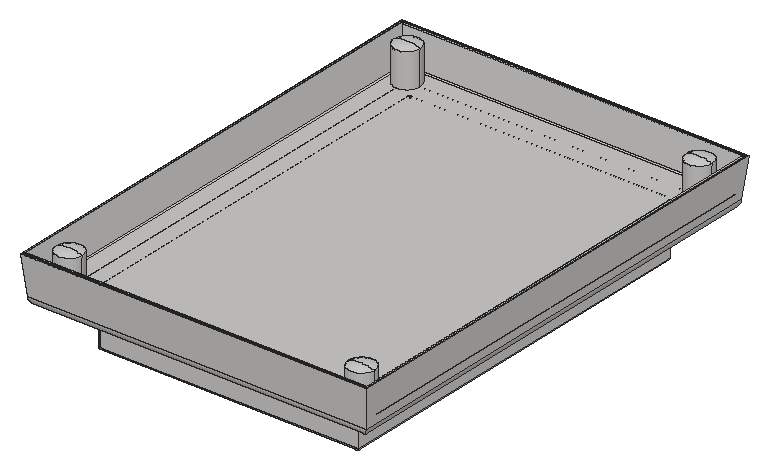
Revit family "Gorter BV THERMO 600x400mm", category Generic Models, host Face, Revit 2019
Family settings
  Host = Face
  Can host rebar = No
  Round Connector Dimension = Use Diameter
  Part Type = Normal
  Cut with Voids When Loaded = Yes
  Shared = No
  Room Calculation Point = No
Parameters (values of type "BV THERMO 600x400mm")
  vullen_met_beton = "ja"  # constant formula
  vergrendeling = "nee"  # constant formula
  uitwendige_lengte = 735 mm
  uitwendige_breedte = 535 mm
  sluiting = "4"  # constant formula
  scharnierend = "nee"  # constant formula
  rubberen_afdichting = "enkel"  # constant formula
  productgroep = ""
  materiaal = bcb_staal
  inbouwhoogte [instance] = 75 mm
  geïsoleerd = "ja"  # constant formula
  gewicht = "23"
  gasdrukveer = "nee"  # constant formula
  brandwerend 90 min = "nee"  # constant formula
  binnenmaat_lengte = uitwendige_lengte - 135 mm  # 600 mm
  binnenmaat_breedte = uitwendige_breedte - 135 mm  # 400 mm
  binnenluik = "tbv betonvulling"  # constant formula
  belasting = "125 kN"  # constant formula
  URL = ""
  RC-waarde = "3.2 m2 K/W"
  Model = "BV THERMO"  # constant formula
  Manufacturer = "Gorter"  # constant formula
  Description = "BV THERMO 64"
  Default Elevation = 1219.2 mm
Types (6, lengths in mm): name | uitwendige_lengte | uitwendige_breedte | gewicht | binnenmaat_lengte | binnenmaat_breedte | Description
  (no name) | 735 | 535 | "23" | 600 | 400 | "BV THERMO 64"
  BV THERMO 600x600mm | 735 | 735 | "23" | 600 | 600 | "BV THERMO 66"
  BV THERMO 800x600mm | 935 | 735 | "29" | 800 | 600 | "BV THERMO 86"
  BV THERMO 800x800mm | 935 | 935 | "33" | 800 | 800 | "BV THERMO 88"
  BV THERMO 1000x600mm | 1135 | 735 | "33" | 1000 | 600 | "BV THERMO 106"
  BV THERMO 600x400mm | 735 | 535 | "23" | 600 | 400 | "BV THERMO 64"
Reference planes
  plane 1 "Center (Front/Back)": y = 0
  plane 2: z = 0
  plane 3 "Center (Left/Right)": x = 0
  plane 4: y = 367.5
  plane 5: y = -367.5
  plane 6: x = 267.5
  plane 7: x = -267.5
  plane 8: z = -75
  plane 9: x = -225.5
  plane 10: y = 325.5
  plane 11: y = -325.5
  plane 12: x = 225.5
  plane 13: x = -105.5
  plane 14: x = 105.5
  plane 15: y = -205.5
  plane 16: y = 205.5
  plane 17: x = -197
  plane 18: x = 197
  plane 19: y = -296.5
  plane 20: y = 296.5
Forms (mm)
  Sweep 1, solid, material "bcb_staal" <- "materiaal", detail levels medium+fine
    path origin (0, 0, 0) x (1, 0, 0) y (0, 1, 0)
      loop
        line (-267.5, 367.5) -> (-267.5, -367.5) -> (267.5, -367.5) -> (267.5, 367.5) -> (-267.5, 367.5)
    profile origin (-267.5, 0, 0) x (-1, 0, 0) y (0, 0, 1)
      loop
        line (0, 0) -> (-2.01, 0) -> (-8.062, -60.739)
        arc (-8.062, -60.739) -> (-19.025, -71.913) -> (-32.302, -63.62) r 12.5
        line (-32.302, -63.62) -> (-34.724, -56.679)
        arc (-34.724, -56.679) -> (-38.41, -54.001) -> (-42.212, -56.51) r 4
        line (-42.212, -56.51) -> (-44.362, -61.868)
        arc (-44.362, -61.868) -> (-48.269, -64.946) -> (-52.899, -63.13) r 5
        line (-52.899, -63.13) -> (-56.64, -57.982)
        arc (-56.64, -57.982) -> (-63.349, -55.792) -> (-67.5, -61.5) r 6
        line (-67.5, -61.5) -> (-67.5, -75) -> (-65.5, -75) -> (-65.5, -61.5)
        arc (-65.5, -61.5) -> (-62.734, -57.695) -> (-58.262, -59.152) r 4
        line (-58.262, -59.152) -> (-54.667, -64.109)
        arc (-54.667, -64.109) -> (-48.142, -66.947) -> (-42.504, -62.607) r 7
        line (-42.504, -62.607) -> (-40.356, -57.255)
        arc (-40.356, -57.255) -> (-38.451, -56.001) -> (-36.61, -57.346) r 2
        line (-36.61, -57.346) -> (-34.19, -64.279)
        arc (-34.19, -64.279) -> (-18.789, -73.899) -> (-6.071, -60.938) r 14.5
        line (-6.071, -60.938) -> (0, 0)
  Sweep 2, solid, material "bcb_staal" <- "materiaal", detail levels medium+fine
    path origin (0, 0, 0) x (1, 0, 0) y (0, 1, 0)
      loop
        line (-267.5, 367.5) -> (-267.5, -367.5) -> (267.5, -367.5) -> (267.5, 367.5) -> (-267.5, 367.5)
    profile origin (-267.5, 0, 0) x (-1, 0, 0) y (0, 0, 1)
      loop
        line (-10.487, -50.628) -> (-2.484, 0) -> (-4.5, 0) -> (-12.438, -50.313)
        arc (-12.438, -50.313) -> (-13.121, -51.538) -> (-14.437, -52.024) r 2.024
        line (-14.437, -52.024) -> (-67.5, -52.024) -> (-67.5, -53.988) -> (-14.751, -53.988)
        arc (-14.751, -53.988) -> (-11.962, -53.142) -> (-10.487, -50.628) r 4
  Sweep 3, solid, material "bcb_staal" <- "materiaal", detail levels coarse
    path origin (0, 0, 0) x (1, 0, 0) y (0, 1, 0)
      loop
        line (-267.5, 367.5) -> (-267.5, -367.5) -> (267.5, -367.5) -> (267.5, 367.5) -> (-267.5, 367.5)
    profile origin (-267.5, 0, 0) x (-1, 0, 0) y (0, 0, 1)
      loop
        line (0, 0) -> (-4.5, 0) -> (-12.74, -52.024) -> (-67.5, -52.024) -> (-67.5, -75) -> (-7.473, -75) -> (0, 0)
  Extrusion 4, solid, material "bcb_staal" <- "materiaal", detail levels medium+fine
    sketch origin (0, 0, 0) x (1, 0, 0) y (0, 1, 0)
      loop
        line (-200, 300) -> (-200, -300) -> (200, -300) -> (200, 300) -> (-200, 300)
    from -53.988 to -52
  Extrusion 5, solid, material "bcb_staal" <- "materiaal", detail levels coarse
    sketch origin (0, 0, 0) x (1, 0, 0) y (0, 1, 0)
      loop
        line (-200, 300) -> (-200, -300) -> (200, -300) -> (200, 300) -> (-200, 300)
    from -75 to -52.024
  Extrusion 6, void
    sketch origin (0, 0, 0) x (1, 0, 0) y (0, 1, 0)
      loop
        line (-105.5, -205.5) -> (105.5, -205.5) -> (105.5, 205.5) -> (-105.5, 205.5) -> (-105.5, -205.5)
    from -500 to 10
  Sweep 7, void
    path origin (0, 0, 0) x (1, 0, 0) y (0, 1, 0)
      loop
        line (-267.5, 367.5) -> (-267.5, -367.5) -> (267.5, -367.5) -> (267.5, 367.5) -> (-267.5, 367.5)
    profile origin (-267.5, 0, 0) x (-1, 0, 0) y (0, 0, 1)
      loop
        line (0.498, 5) -> (-162, 5) -> (-162, -365) -> (-65.5, -365) -> (-65.5, -75) -> (-7.473, -75) -> (0.498, 5)
  Sweep 8, solid, material "bcb_staal" <- "materiaal"
    path origin (0, 0, 0) x (1, 0, 0) y (0, 1, 0)
      loop
        line (-267.5, 367.5) -> (-267.5, -367.5) -> (267.5, -367.5) -> (267.5, 367.5) -> (-267.5, 367.5)
    profile origin (-267.5, 0, 0) x (-1, 0, 0) y (0, 0, 1)
      loop
        line (-58.5, -55.001) -> (-58.5, -54.001) -> (-66.5, -54.001)
        arc (-66.5, -54.001) -> (-67.914, -54.587) -> (-68.5, -56.001) r 2
        line (-68.5, -56.001) -> (-68.5, -136)
        arc (-68.5, -136) -> (-68.793, -136.707) -> (-69.5, -137) r 1
        line (-69.5, -137) -> (-82.5, -137) -> (-82.5, -138) -> (-69.5, -138)
        arc (-69.5, -138) -> (-68.086, -137.414) -> (-67.5, -136) r 2
        line (-67.5, -136) -> (-67.5, -56.001)
        arc (-67.5, -56.001) -> (-67.207, -55.294) -> (-66.5, -55.001) r 1
        line (-66.5, -55.001) -> (-58.5, -55.001)
  Extrusion 9, solid, material "bcb_pe"
    sketch origin (0, 0, 0) x (1, 0, 0) y (0, 1, 0)
      loop
        line (-197, 296.5) -> (-197, -296.5) -> (197, -296.5) -> (197, 296.5) -> (-197, 296.5)
    from -137 to -57.982
Cuts and joins
  joined: Sweep 2, Extrusion 4
  joined: Sweep 3, Extrusion 5
Dimensions and locks
  equal spacing: plane 7, plane 3 "Center (Left/Right)", plane 6
  "uitwendige_breedte": plane 7 to plane 6
  equal spacing: plane 4, plane 1 "Center (Front/Back)", plane 5
  "uitwendige_lengte": plane 4 to plane 5
  locked: plane 4 to plane 10 at 42
  locked: plane 7 to plane 9 at 42
  locked: plane 12 to plane 6 at 42
  locked: plane 5 to plane 11 at 42
  locked: plane 9 to plane 13 at 120
  locked: plane 14 to plane 12 at 120
  locked: plane 15 to plane 11 at 120
  locked: plane 10 to plane 16 at 120
  locked: plane 9 to plane 17 at 28.5
  locked: plane 18 to plane 12 at 28.5
  locked: plane 11 to plane 19 at 29
  locked: plane 10 to plane 20 at 29
  aligned and locked: plane 2 to host face
  aligned and locked: level to host face
  aligned and locked: Sweep 1 sketch curve to plane 4
  aligned and locked: plane 7 to Sweep 1 sketch curve
  aligned and locked: plane 5 to Sweep 1 sketch curve
  aligned and locked: Sweep 1 sketch curve to plane 6
  aligned and locked: Sweep 2 sketch curve to Sweep 1  (x4)
  aligned and locked: Sweep 3 sketch curve to Sweep 1  (x4)
  aligned and locked: Extrusion 4 sketch curve to Sweep 1  (x4)
  aligned and locked: Extrusion 5 sketch curve to Sweep 3  (x2)
  aligned and locked: Extrusion 5 sketch curve to Sweep 1  (x2)
  aligned and locked: plane 9 to nested 1
  aligned and locked: nested 1 to plane 10
  aligned and locked: nested 2 to plane 12
  aligned and locked: plane 10 to nested 2
  aligned and locked: plane 11 to nested 3
  aligned and locked: nested 3 to plane 9
  aligned and locked: nested 4 to plane 11
  aligned and locked: plane 12 to nested 4
  aligned and locked: Extrusion 6 to plane 16
  aligned and locked: Extrusion 6 to plane 14
  aligned and locked: Extrusion 6 to plane 15
  aligned and locked: Extrusion 6 to plane 13
  aligned and locked: Sweep 7 sketch curve to plane 4
  aligned and locked: Sweep 7 sketch curve to plane 6
  aligned and locked: plane 5 to Sweep 7 sketch curve
  aligned and locked: plane 7 to Sweep 7 sketch curve
  aligned and locked: Sweep 8 sketch curve to plane 4
  aligned and locked: Sweep 8 sketch curve to plane 6
  aligned and locked: plane 7 to Sweep 8 sketch curve
  aligned and locked: plane 5 to Sweep 8 sketch curve
  aligned and locked: Extrusion 9 sketch curve to plane 20
  aligned and locked: Extrusion 9 sketch curve to plane 18
  aligned and locked: Extrusion 9 sketch curve to plane 19
  aligned and locked: Extrusion 9 sketch curve to plane 17
Automatic sketch dimensions
  host sketch curve to host sketch curve = 2000 mm  (x2)
  Sweep 1 sketch curve to profile plane = 0 mm
  profile plane to Sweep 1 sketch curve = 6.071 mm
  Sweep 1 sketch curve to Sweep 1 sketch curve = 1.99 mm
  Sweep 1 sketch curve to Sweep 1 sketch curve = 12.438 mm
  Sweep 1 sketch curve to Sweep 1 sketch curve = 0 mm  (x6)
  Sweep 1 sketch curve to Sweep 1 sketch curve = 11.802 mm
  Sweep 1 sketch curve to Sweep 1 sketch curve = 1.888 mm
  Sweep 1 sketch curve to Sweep 1 sketch curve = 2.423 mm
  Sweep 1 sketch curve to Sweep 1 sketch curve = 1.886 mm
  Sweep 1 sketch curve to Sweep 1 sketch curve = 1.89 mm
  Sweep 1 sketch curve to Sweep 1 sketch curve = 1.856 mm  (x2)
  Sweep 1 sketch curve to Sweep 1 sketch curve = 2.147 mm
  Sweep 1 sketch curve to Sweep 1 sketch curve = 1.858 mm
  Sweep 1 sketch curve to Sweep 1 sketch curve = 4.638 mm
  Sweep 1 sketch curve to Sweep 1 sketch curve = 3.899 mm
  Sweep 1 sketch curve to Sweep 1 sketch curve = 1.768 mm
  Sweep 1 sketch curve to Sweep 1 sketch curve = 3.741 mm
  Sweep 1 sketch curve to Sweep 1 sketch curve = 1.622 mm
  Sweep 1 sketch curve to Sweep 1 sketch curve = 3.238 mm
  Sweep 1 sketch curve to Sweep 1 sketch curve = 4 mm
  Sweep 1 sketch curve to Sweep 1 sketch curve = 2 mm
  Sweep 1 sketch curve to level = 56.51 mm
  Sweep 1 sketch curve to Sweep 1 sketch curve = 0.169 mm
  Sweep 1 sketch curve to Sweep 1 sketch curve = 0.745 mm
  Sweep 1 sketch curve to Sweep 1 sketch curve = 0.654 mm
  Sweep 1 sketch curve to Sweep 1 sketch curve = 1.471 mm
  Sweep 1 sketch curve to Sweep 1 sketch curve = 1.17 mm
  Sweep 1 sketch curve to Sweep 1 sketch curve = 2.821 mm
  Sweep 1 sketch curve to Sweep 1 sketch curve = 3.49 mm
  Sweep 1 sketch curve to Sweep 1 sketch curve = 1.239 mm
  Sweep 1 sketch curve to Sweep 1 sketch curve = 0.198 mm
  Sweep 1 sketch curve to Sweep 1 sketch curve = 1.867 mm
  Sweep 1 sketch curve to Sweep 1 sketch curve = 0.739 mm
  Sweep 1 sketch curve to Sweep 1 sketch curve = 13.5 mm
  profile plane to Sweep 1 sketch curve = 2.01 mm
  Sweep 1 sketch curve to Sweep 1 sketch curve = 60.938 mm
  Sweep 2 sketch curve to level = 0 mm
  profile plane to Sweep 2 sketch curve = 14.751 mm
  Sweep 2 sketch curve to Sweep 2 sketch curve = 0.313 mm  (x2)
  Sweep 2 sketch curve to Sweep 2 sketch curve = 0 mm  (x2)
  Sweep 2 sketch curve to Sweep 2 sketch curve = 1.95 mm
  Sweep 2 sketch curve to Sweep 2 sketch curve = 0.315 mm
  Sweep 2 sketch curve to Sweep 2 sketch curve = 53.063 mm
  profile plane to Sweep 2 sketch curve = 4.5 mm
  Sweep 2 sketch curve to Sweep 2 sketch curve = 2.016 mm
  Sweep 2 sketch curve to level = 52.024 mm
  Sweep 2 sketch curve to Sweep 2 sketch curve = 1.963 mm
  Sweep 3 sketch curve to level = 0 mm
  Sweep 3 sketch curve to profile plane = 0 mm
  profile plane to Sweep 3 sketch curve = 4.5 mm
  profile plane to Sweep 3 sketch curve = 12.74 mm
  Sweep 3 sketch curve to Sweep 3 sketch curve = 54.76 mm
  Sweep 3 sketch curve to level = 52.024 mm
  profile plane to Sweep 3 sketch curve = 7.473 mm
  Sweep 3 sketch curve to Sweep 3 sketch curve = 22.976 mm
  Extrusion 6 sketch curve to plane 11 = 120 mm
  Extrusion 6 sketch curve to plane 1 "Center (Front/Back)" = 205.5 mm
  Extrusion 6 sketch curve to plane 13 = 0 mm
  Extrusion 6 sketch curve to plane 14 = 0 mm
  level to Sweep 7 sketch curve = 5 mm
  profile plane to Sweep 7 sketch curve = 162 mm
  profile plane to Sweep 7 sketch curve = 65.5 mm
  profile plane to Sweep 7 sketch curve = 7.473 mm
  Sweep 7 sketch curve to profile plane = 0.498 mm
  Sweep 7 sketch curve to level = 75 mm
  Sweep 7 sketch curve to Sweep 7 sketch curve = 290 mm
  Sweep 8 sketch curve to Sweep 8 sketch curve = 0 mm  (x4)
  Sweep 8 sketch curve to Sweep 8 sketch curve = 1 mm  (x2)
  Sweep 8 sketch curve to Sweep 8 sketch curve = 8 mm
  Sweep 8 sketch curve to level = 56.001 mm
  profile plane to Sweep 8 sketch curve = 69.5 mm
  profile plane to Sweep 8 sketch curve = 68.5 mm
  Sweep 8 sketch curve to Sweep 8 sketch curve = 79.999 mm
  Sweep 8 sketch curve to Sweep 8 sketch curve = 13 mm
Nested families
  nested 1: "NLRS_33_GM_FB_TC_GORTER_vloerluik_BV_BCB_Inbusbout" at (-225.5, 325.5, -52.024), type "NLRS_33_GM_FB_TC_GORTER_vloerluik_BV_BCB_Inbusbout"
  nested 2: "NLRS_33_GM_FB_TC_GORTER_vloerluik_BV_BCB_Inbusbout" at (225.5, 325.5, -52.024) x (-1, 0, 0) z (0, 0, 1), type "NLRS_33_GM_FB_TC_GORTER_vloerluik_BV_BCB_Inbusbout"
  nested 3: "NLRS_33_GM_FB_TC_GORTER_vloerluik_BV_BCB_Inbusbout" at (-225.5, -325.5, -52.024), type "NLRS_33_GM_FB_TC_GORTER_vloerluik_BV_BCB_Inbusbout"
  nested 4: "NLRS_33_GM_FB_TC_GORTER_vloerluik_BV_BCB_Inbusbout" at (225.5, -325.5, -52.024) x (-1, 0, 0) z (0, 0, 1), type "NLRS_33_GM_FB_TC_GORTER_vloerluik_BV_BCB_Inbusbout"
Definition of nested family "NLRS_33_GM_FB_TC_GORTER_vloerluik_BV_BCB_Inbusbout"
  Parameters
    materiaal = none
    Default Elevation = 1219.2 mm
  Reference planes
    plane 1 "Center (Front/Back)": y = 0
    plane 2: z = 0
    plane 3 "Center (Left/Right)": x = 0
  Forms (mm)
    Extrusion 1, solid, not visible
      sketch origin (0, 0, 0) x (1, 0, 0) y (0, 1, 0)
        loop
          line (-250, 250) -> (-250, -250) -> (250, -250) -> (250, 250) -> (-250, 250)
      from 0 to -100
    Extrusion 2, solid, material <- "materiaal", detail levels medium+fine
      sketch origin (0, 0, 0) x (1, 0, 0) y (0, 1, 0)
        loop
          circle (0, 0) r 20
      from 0 to 52
    Revolve 3, solid, detail levels medium+fine
      sketch origin (0, 0, 0) x (1, 0, 0) y (0, 0, 1)
        loop
          line (-20, 52) -> (0, 52) -> (0, 56)
          arc (0, 56) -> (-10.198, 54.99) -> (-20, 52) r 52
        axis (0, 56) -> (0, 52)
      angle from 0 to 360
  Dimensions and locks
    aligned and locked: plane 2 to Extrusion 1
    aligned and locked: level to Extrusion 1
